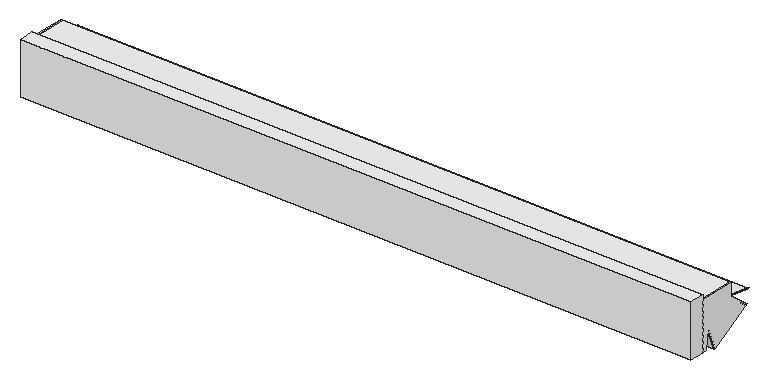
Revit family "Linus LED - Generic", category Lighting Fixtures, Revit 2014
Parameters (values of type "Linus LED")
  Wattage = 22 W
  WarrantyGuarantorParts = "n/a"
  WarrantyDurationParts = "n/a"
  WarrantyDescription = "n/a"
  built-in parameter 1150110 = 1 (stored number, unit not read)
  Version = "v.1.0"
  Uniclass2 = "Pr_70_70_49_43 Light-Emitting Diode (LED) Luminaires"
  Uniclass 1.4 = "JY73"
  URL = "http://riegens.com/linus-led"
  TotalWattage = "Max. 26W"
  built-in parameter 1114217 = 1 (stored number, unit not read)
  Tilt Angle = 90.00°
  built-in parameter 1150109 = 1 (stored number, unit not read)
  built-in parameter 1150134 = 12
  TagNumber = "n/a"
  SustainabilityPerformance = "n/a"
  built-in parameter 1150113 = 1 (stored number, unit not read)
  SupplyCircuitConductorConnections = "n/a"
  Size = "123 x 1190 x 90 mm"
  Shape = "Rectangle"
  ProductInformation = "http://riegens.com/linus-led"
  PhotometricPerformance = "In accordance with BS EN 13032-1"
  Photometric Web File = "Linus LED DI 22W 4000K LensC.ies"
  PhaseReference = "IEC recommendations"
  Optic = "Direct/Asymmetric: Prismatic conical optic - PMMA (Lens C), Indirect: White back reflector."
  NominalVoltage = "220-240V"
  ModelReference = "Linus LED"
  Model = "Linus LED"
  Material = "Steel and Acrylic (PMMA)"
  ManufacturersSpecificInformation = "n/a"
  ManufacturerURL = "www.riegens.com"
  Manufacturer = "Riegens A/S"
  built-in parameter 1150105 = 1012.5 (stored number, unit not read)
  Lumens = 1738 lm
  LuminaireType = "Direct asymmetric/Indirect LED luminaire"
  LuminairePowerFactor = ">0,9"
  built-in parameter 1150115 = 1 (stored number, unit not read)
  LightSource = "LED 3000K / 4000K"
  LightFixturePlacingType = "Wall"
  LightFixtureMountingType = "Surface"
  built-in parameter 1150137 = (empty or 0)
  built-in parameter 1150139 = (empty or 0)
  LampType = "LED"
  LampRating = "22W"
  LampColourRenderingIndex = "Ra>80"
  built-in parameter 1150112 = 1 (stored number, unit not read)
  built-in parameter 1150114 = 1 (stored number, unit not read)
  InternalFuse = "Only required in emergency versions"
  InsulationStandardClass = "Class 1"
  built-in parameter 1150132 = (empty or 0)
  built-in parameter 1150102 = (empty or 0)
  built-in parameter 1150107 = 4000 (stored number, unit not read)
  built-in parameter 1150138 = (empty or 0)
  built-in parameter 1150106 = 10.125 (stored number, unit not read)
  IfcExportType = "NOTDEFINED'"
  IfcExportAs = "IfcLightFixtureType'"
  IP_Code = "IP20"
  Height 1 = 90 mm
  HasProtectiveEarth = "TRUE"
  Grade = "n/a"
  Frame Width = 123 mm
  Frame Depth = 1170 mm
  Frame = Riegens_Steel_Powder coated white RAL901025
  Fp = 1000 mm
  Finish = "Powder coated"
  Features = "n/a"
  Emit from Line Length = 609.6 mm
  built-in parameter 1150104 = 7.3393 (stored number, unit not read)
  Documentation = "See URL hyperlink"
  DocumentReference = "See URL hyperlink"
  Dimming Lamp Color Temperature Shift = <None>
  Description = "70-80-35 General Lighting Systems"
  ControlGearPosition = "Integrated "
  Constituents = "n/a"
  Colour = "White"
  Color Filter = 16777215
  CodePerformance = "n/a"
  CCSTopnode = "L"
  CCSClassName = "Belysningsarmatur"
  CCSClassCode = "UAC"
  BarCode = "n/a"
  BallastsCELMAEnergyEfficiencyIndex = "Class A1/A2"
  built-in parameter 1114218 = 1 (stored number, unit not read)
  BSAB 96 = "SNB.2"
  BIMObjectName = "Linus LED.rfa"
  Author = "3dbyggeri"
  built-in parameter 1150133 = 10 (stored number, unit not read)
  AssetType = "Moveable/Fixed"
  AssetIdentifier = "n/a"
  ArticleNumber = "See URL hyperlink"
  Apparent Load = 240 VA
  AccessibilityPerformance = "n/a"
Reference planes
  plane 1 "Center (Front/Back)": y = 0
  plane 2: z = 0
  plane 3 "Center (Left/Right)": x = 0
  plane 4: y = 26
  plane 5: y = 88
  plane 6: y = 75
  plane 7: z = 38
  plane 8: z = 82
  plane 9: z = 90
  plane 10: x = 585
  plane 11: x = -585
  plane 12: x = 583
  plane 13: x = -583
Forms (mm)
  Extrusion 1, solid, material "Riegens_Steel_Powder coated white RAL901025" <- "Frame"
    sketch origin (1168, -74.5, -2000) x (0, 1, 0) y (0, 0, 1)
      loop
        line (162.5, 2082) -> (100.5, 2082) -> (100.5, 2000) -> (107.078, 2000) -> (111.556, 2031.862) -> (128.218, 1993) -> (197.5, 2033) -> (163.468, 2060.801) -> (200.48, 2055.994) -> (200.609, 2056.986) -> (162.5, 2061.935) -> (162.5, 2082)
    from -585 to -583
  Extrusion 2, solid, material "Riegens_Steel_Powder coated white RAL901025" <- "Frame"
    sketch origin (0, 0, 0) x (0, 1, 0) y (0, 0, 1)
      loop
        line (26, 90) -> (0, 90) -> (0, 0) -> (26, 0) -> (26, 90)
    from -585 to 585
  Extrusion 3, solid, material "Riegens_Steel_Powder coated white RAL901025" <- "Frame"
    sketch origin (0, -74.5, -2000) x (0, 1, 0) y (0, 0, 1)
      loop
        line (162.5, 2082) -> (100.5, 2082) -> (100.5, 2000) -> (107.078, 2000) -> (111.556, 2031.862) -> (128.218, 1993) -> (197.5, 2033) -> (163.468, 2060.801) -> (200.48, 2055.994) -> (200.609, 2056.986) -> (162.5, 2061.935) -> (162.5, 2082)
    from -585 to -583
  Extrusion 4, solid, material "Riegens_Steel_Powder coated white RAL901025" <- "Frame"
    sketch origin (125, -74.5, -2000) x (0, 1, 0) y (0, 0, 1)
      loop
        line (197.5, 2033) -> (163.468, 2060.801) -> (200.48, 2055.994) -> (200.609, 2056.986) -> (162.5, 2061.935) -> (162.5, 2082) -> (100.5, 2082) -> (100.5, 2000) -> (107.078, 2000) -> (111.556, 2031.862) -> (128.218, 1993) -> (129.962, 1994.007) -> (112.386, 2035.003) -> (160.193, 2060.893) -> (195.648, 2031.931) -> (197.5, 2033)
    from -708 to 458
  Extrusion 5, solid, material "Riegens_Acryl (PMMA)_Prismatic"
    sketch origin (0, 0, 0) x (0, 1, 0) y (0, 0, 1)
      loop
        line (55.462, -5.993) -> (121.148, 31.931) -> (120.148, 33.663) -> (54.462, -4.261) -> (55.462, -5.993)
    from -583 to 583
Dimensions and locks
  locked: plane 4 to plane 1 "Center (Front/Back)" at 26
  locked: plane 6 to plane 1 "Center (Front/Back)" at 75
  locked: plane 5 to plane 1 "Center (Front/Back)" at 88
  locked: plane 7 to level at 38
  "Height 1": plane 9 to plane 2
  locked: plane 9 to plane 8 at 8
  equal spacing: plane 10, plane 3 "Center (Left/Right)", plane 11
  "Frame Depth": plane 10 to plane 11
  locked: plane 13 to plane 11 at 2
  locked: plane 10 to plane 12 at 2
  Extrusion 3 to Extrusion 5 sketch curve = 2 mm
  Extrusion 5 sketch curve to Extrusion 5 sketch curve = 75.847 mm
  Extrusion 3 to Extrusion 5 sketch curve = 2.014 mm
  Extrusion 5 sketch curve to Extrusion 3 = 2.139 mm
  aligned and locked: level to plane 2
  aligned and locked: Extrusion 1 sketch curve to plane 4
  aligned and locked: plane 5 to Extrusion 1 sketch curve
  aligned and locked: Extrusion 1 sketch curve to plane 8
  aligned and locked: plane 2 to Extrusion 1 sketch curve
  aligned and locked: plane 2 to Extrusion 2 sketch curve
  aligned and locked: Extrusion 2 sketch curve to plane 1 "Center (Front/Back)"
  aligned and locked: plane 4 to Extrusion 2 sketch curve
  aligned and locked: Extrusion 2 sketch curve to plane 9
  aligned and locked: Extrusion 2 to plane 11
  aligned and locked: plane 10 to Extrusion 2
  aligned and locked: Extrusion 1 to plane 12
  aligned and locked: plane 10 to Extrusion 1
  aligned and locked: plane 13 to Extrusion 3
  aligned and locked: Extrusion 3 to plane 11
  aligned and locked: plane 4 to Extrusion 3 sketch curve
  aligned and locked: plane 8 to Extrusion 3 sketch curve
  aligned and locked: Extrusion 3 sketch curve to plane 2
  aligned and locked: plane 5 to Extrusion 4 sketch curve
  aligned and locked: Extrusion 4 sketch curve to plane 8
  aligned and locked: Extrusion 4 sketch curve to plane 4
  aligned and locked: plane 2 to Extrusion 4 sketch curve
  aligned and locked: Extrusion 4 to plane 13
  aligned and locked: plane 12 to Extrusion 4
  aligned and locked: plane 7 to imposter light
  aligned and locked: Extrusion 5 sketch curve to Extrusion 3
  aligned and locked: plane 12 to Extrusion 5
  aligned and locked: Extrusion 5 to plane 13
Automatic sketch dimensions
  Extrusion 1 sketch curve to plane 4 = 6.578 mm
  Extrusion 1 sketch curve to plane 4 = 11.056 mm
  Extrusion 1 sketch curve to level = 7 mm
  plane 6 to Extrusion 1 sketch curve = 21.282 mm
  Extrusion 1 sketch curve to plane 5 = 0.968 mm
  Extrusion 1 sketch curve to plane 7 = 5 mm
  Extrusion 1 sketch curve to plane 5 = 35 mm
  plane 7 to Extrusion 1 sketch curve = 17.994 mm
  Extrusion 1 sketch curve to Extrusion 1 sketch curve = 2.98 mm
  plane 7 to Extrusion 1 sketch curve = 18.986 mm
  Extrusion 1 sketch curve to Extrusion 1 sketch curve = 0.129 mm
  Extrusion 1 sketch curve to plane 7 = 6.138 mm
  Extrusion 3 sketch curve to plane 5 = 0 mm
  Extrusion 3 sketch curve to plane 4 = 6.578 mm
  Extrusion 3 sketch curve to plane 4 = 11.056 mm
  Extrusion 3 sketch curve to level = 7 mm
  plane 6 to Extrusion 3 sketch curve = 21.282 mm
  Extrusion 3 sketch curve to plane 5 = 0.968 mm
  Extrusion 3 sketch curve to plane 7 = 5 mm
  Extrusion 3 sketch curve to plane 5 = 35 mm
  plane 7 to Extrusion 3 sketch curve = 17.994 mm
  Extrusion 3 sketch curve to Extrusion 3 sketch curve = 2.98 mm
  plane 7 to Extrusion 3 sketch curve = 18.986 mm
  Extrusion 3 sketch curve to Extrusion 3 sketch curve = 0.129 mm
  Extrusion 3 sketch curve to plane 7 = 6.138 mm
  Extrusion 4 sketch curve to Extrusion 4 sketch curve = 6.578 mm
  Extrusion 4 sketch curve to plane 4 = 11.056 mm
  Extrusion 4 sketch curve to plane 7 = 2.997 mm
  Extrusion 4 sketch curve to Extrusion 4 sketch curve = 0.83 mm
  Extrusion 4 sketch curve to level = 7 mm
  plane 6 to Extrusion 4 sketch curve = 21.282 mm
  Extrusion 4 sketch curve to level = 5.993 mm
  Extrusion 4 sketch curve to Extrusion 4 sketch curve = 1.744 mm
  plane 5 to Extrusion 4 sketch curve = 2.307 mm
  Extrusion 4 sketch curve to plane 5 = 0.968 mm
  Extrusion 4 sketch curve to plane 7 = 6.069 mm
  Extrusion 4 sketch curve to plane 5 = 33.148 mm
  Extrusion 4 sketch curve to plane 7 = 5 mm
  Extrusion 4 sketch curve to Extrusion 4 sketch curve = 1.852 mm
  plane 7 to Extrusion 4 sketch curve = 17.994 mm
  Extrusion 4 sketch curve to Extrusion 4 sketch curve = 2.98 mm
  plane 7 to Extrusion 4 sketch curve = 18.986 mm
  Extrusion 4 sketch curve to Extrusion 4 sketch curve = 0.129 mm
  Extrusion 4 sketch curve to Extrusion 4 sketch curve = 3.141 mm
  Extrusion 4 sketch curve to Extrusion 4 sketch curve = 1.042 mm
Connectors
  electrical at (0, 0, 45)
    settings: on Extrusion 2, index 1, voltage 0 V, apparent load 0 VA, apparent load phase1 0 VA, apparent load phase2 0 VA, apparent load phase3 0 VA, power factor 1, load classification "Other", number of poles 1, system type 31, power factor state 1, is connector primary yes, connector utility no, sub classification motor no, connector description ""
